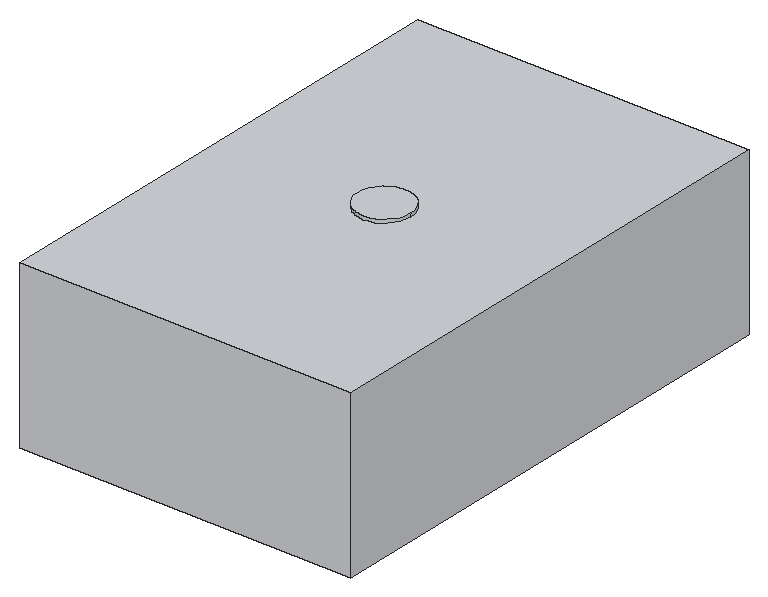
Revit family "Connector.ver2021", category Electrical Fixtures, Revit 2020
Family settings
  Maintain Annotation Orientation = No
  Round Connector Dimension = Use Diameter
  Part Type = Normal
  OmniClass Number = 23.80.00.00
  OmniClass Title = Electric Power and Lighting
  Work Plane-Based = No
  Always vertical = Yes
  Cut with Voids When Loaded = No
  Shared = No
  Room Calculation Point = No
Parameters
  コネクタ直径 [instance] = 16 mm
  W [instance] = 100 mm
  Default Elevation = 0 mm
  D [instance] = 150 mm
Reference planes
  plane 1 "中心(正面/背面)": y = 0
  plane 2: z = 0
  plane 3 "中心(左/右)": x = 0
  plane 4 "左": x = -50
  plane 5 "右": x = 50
  plane 6 "上": y = 75
  plane 7 "下": y = -75
  plane 8 "高さ": z = 50
Forms (mm)
  Extrusion 1, solid
    sketch origin (0, 0, 0) x (1, 0, 0) y (0, 1, 0)
      loop
        line (-50, 75) -> (-50, -75) -> (50, -75) -> (50, 75) -> (-50, 75)
    from 0 to 50
  Extrusion 2, solid
    sketch origin (0, 0, 50) x (-1, 0, 0) y (0, -1, 0)
      loop
        circle (0, 0) r 8
    from 0 to 1
Dimensions and locks
  equal spacing: plane 4 "左", plane 3 "中心(左/右)", plane 5 "右"
  "W": plane 4 "左" to plane 5 "右"
  equal spacing: plane 6 "上", plane 1 "中心(正面/背面)", plane 7 "下"
  "D": plane 6 "上" to plane 7 "下"
  "コネクタ直径": diameter of Extrusion 2 sketch curve
  aligned and locked: level to plane 2
  aligned and locked: Extrusion 1 sketch curve to plane 6 "上"
  aligned and locked: plane 4 "左" to Extrusion 1 sketch curve
  aligned and locked: plane 7 "下" to Extrusion 1 sketch curve
  aligned and locked: Extrusion 1 sketch curve to plane 5 "右"
Automatic sketch dimensions
  plane 1 "中心(正面/背面)" to Extrusion 2 sketch curve = 0 mm
  Extrusion 2 sketch curve to plane 3 "中心(左/右)" = 0 mm
Connectors
  cabletrayconduit at (0, 0, 51), diameter 16, driven by "コネクタ直径"
    settings: on Extrusion 2, index 3, connector width 300 mm, connector height 300 mm, connector angle 0.00°, system type 32, placement type 0, profile type 0, connector reference index -1, is primary connector yes, connector utility param no, connector description ""
